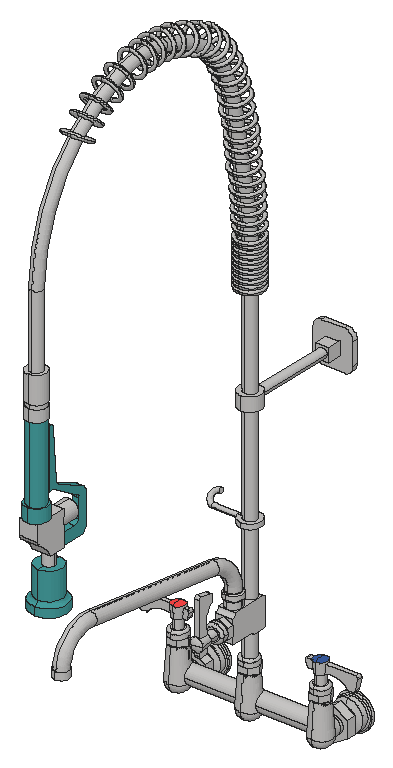
Revit family "Krowne_17-109WL_WallMount_Pre-Rinse_Faucet", category Plumbing Fixtures, Revit 2018 (continued)
Definition of nested family "Spring_Faucet_Hose"
  Forms (mm)
    Sweep 49, solid
      profile origin (-295.325, 0.014, 617.026) x (-1, 0, 0) y (0, 0, 1)
        loop
          circle (0, 0) r 2.077
    Sweep 50, solid
      path origin (-313.613, 0.014, 629.726) x (0, -1, 0) y (1, 0, 0)
        loop
          circle (0, 0) r 18.288
      profile origin (-295.325, 0.014, 629.726) x (-1, 0, 0) y (0, 0, 1)
        loop
          circle (0, 0) r 2.077
    Extrusion 51, solid
      sketch origin (0, 0, 419.1) x (0, 1, 0) y (-1, 0, 0)
        loop
          circle (0.014, 313.613) r 15.875
        loop
          circle (0.014, 313.613) r 8.636
      from 0 to 19.05
    Extrusion 52, solid
      sketch origin (0, 155.575, 0) x (1, 0, 0) y (0, 0, 1)
        loop
          line (-298.532, 457.2) -> (-330.282, 457.2)
          arc (-330.282, 457.2) -> (-339.262, 453.48) -> (-342.982, 444.5) r 12.7
          line (-342.982, 444.5) -> (-342.982, 412.75)
          arc (-342.982, 412.75) -> (-339.262, 403.77) -> (-330.282, 400.05) r 12.7
          line (-330.282, 400.05) -> (-298.532, 400.05)
          arc (-298.532, 400.05) -> (-289.552, 403.77) -> (-285.832, 412.75) r 12.7
          line (-285.832, 412.75) -> (-285.832, 444.5)
          arc (-285.832, 444.5) -> (-289.552, 453.48) -> (-298.532, 457.2) r 12.7
      from 0 to 6.35
    Extrusion 53, solid
      sketch origin (0, 149.225, 0) x (1, 0, 0) y (0, 0, 1)
        loop
          line (-304.882, 438.15) -> (-323.932, 438.15) -> (-323.932, 419.1) -> (-304.882, 419.1) -> (-304.882, 438.15)
      from 0 to 19.05
    Extrusion 54, solid
      sketch origin (0, 130.175, 0) x (1, 0, 0) y (0, 0, 1)
        loop
          circle (-314.407, 428.625) r 6.35
      from 0 to 114.3
    Extrusion 55, solid
      sketch origin (-314.407, 0, 0) x (0, 1, 0) y (0, 0, 1)
        loop
          line (-347.054, 393.601) -> (-347.054, 442.813) -> (-393.092, 442.813) -> (-393.092, 420.588)
          arc (-393.092, 420.588) -> (-392.232, 417.398) -> (-389.886, 415.071) r 6.35
          arc (-389.886, 415.071) -> (-378.026, 405.83) -> (-369.279, 393.601) r 52.388
          line (-369.279, 393.601) -> (-347.054, 393.601)
      from -12.7 to 12.7
    Revolve 56, solid
      sketch origin (-313.613, -31.523, -34.072) x (0, -1, 0) y (0, 0, 1)
        loop
          line (348.869, 605.472) -> (363.157, 605.472) -> (363.157, 621.347) -> (361.569, 621.347) -> (361.569, 627.697) -> (363.157, 627.697) -> (363.157, 665.797) -> (348.869, 665.797) -> (348.869, 605.472)
        axis (348.869, 605.472) -> (348.869, 665.797)
      angle from 0 to 360
    Extrusion 57, solid
      sketch origin (0, 0, 269.41) x (0, 1, 0) y (-1, 0, 0)
        loop
          circle (0.014, 313.613) r 15.875
        loop
          circle (0.014, 313.613) r 8.636
      from 0 to 6.35
  Lines and regions (mm)
    symbolic lines
      curve 1: arc (-296.002, -376.47, 0) -> (-288.778, -352.841, 0) -> (-305.056, -334.252, 0) r 25.4
      curve 2: arc (-331.224, -376.47, 0) -> (-338.502, -353.098, 0) -> (-322.663, -334.434, 0) r 25.4
      curve 3: arc (-313.613, -396.213, 0) -> (-296.455, -382.939, 0) -> (-304.994, -362.997, 0) r 17.726
      curve 4: arc (-322.252, -363.008, 0) -> (-330.768, -382.95, 0) -> (-313.613, -396.213, 0) r 17.726
      curve 5: line (-292.109, -307.866, 0) -> (-333.989, -307.866, 0)
      curve 6: line (-292.109, -288.816, 0) -> (-333.989, -288.816, 0)
      curve 7: line (-292.109, -274.04, 0) -> (-333.989, -274.04, 0)
      curve 8: line (-292.109, -254.99, 0) -> (-333.989, -254.99, 0)
      curve 9: line (-292.109, -240.213, 0) -> (-333.989, -240.213, 0)
      curve 10: line (-292.109, -221.163, 0) -> (-333.989, -221.163, 0)
      curve 11: line (-292.109, -206.387, 0) -> (-333.989, -206.387, 0)
      curve 12: line (-292.109, -187.337, 0) -> (-333.989, -187.337, 0)
      curve 13: line (-292.109, -172.56, 0) -> (-333.989, -172.56, 0)
      curve 14: line (-292.109, -153.51, 0) -> (-333.989, -153.51, 0)
      curve 15: line (-292.109, -138.734, 0) -> (-333.989, -138.734, 0)
      curve 16: line (-292.109, -119.684, 0) -> (-333.989, -119.684, 0)
      curve 17: line (-292.109, -104.907, 0) -> (-333.989, -104.907, 0)
      curve 18: line (-292.109, -85.857, 0) -> (-333.989, -85.857, 0)
      curve 19: line (-292.109, -71.081, 0) -> (-333.989, -71.081, 0)
      curve 20: line (-292.109, -52.031, 0) -> (-333.989, -52.031, 0)
      curve 21: line (-292.109, -37.254, 0) -> (-333.989, -37.254, 0)
      curve 22: line (-292.109, -18.204, 0) -> (-333.989, -18.204, 0)
      curve 23: line (-365.207, 8.407, 44.45) -> (-365.207, 17.976, 44.45)
      curve 24: arc (-365.207, 17.976, 44.45) -> (-373.68, 16.127, 44.45) -> (-378.981, 9.264, 44.45) r 12.676
      curve 25: arc (-378.981, 3.877, 44.45) -> (-373.603, -3.053, 44.45) -> (-365.081, -5.133, 44.45) r 13.313
      curve 26: arc (-378.981, 9.264, 44.45) -> (-379.421, 6.571, 44.45) -> (-378.981, 3.877, 44.45) r 8.455
      curve 27: line (-365.207, 4.256, 44.45) -> (-321.135, 4.256, 44.45)
      curve 28: line (-365.081, -5.133, 44.45) -> (-322.249, -5.133, 44.45)
      curve 29: spline (-365.207, 8.407, 44.45) -> (-366.446, 8.337, 44.45) -> (-367.6, 8.129, 44.45) -> (-368.591, 7.799, 44.45) -> (-369.351, 7.369, 44.45) -> (-369.83, 6.869, 44.45) -> (-369.993, 6.332, 44.45) -> (-369.83, 5.795, 44.45) -> (-369.351, 5.294, 44.45) -> (-368.591, 4.864, 44.45) -> (-367.6, 4.534, 44.45) -> (-366.446, 4.327, 44.45) -> (-365.207, 4.256, 44.45)
      curve 30: arc (-304.977, 0.014, 44.45) -> (-313.613, 8.65, 44.45) -> (-322.249, 0.014, 44.45) r 8.636
      curve 31: line (-322.249, 0.014, 44.45) -> (-322.249, -379.376, 44.45)
      curve 32: arc (-304.981, -378.487, 44.45) -> (-313.613, -387.119, 44.45) -> (-322.245, -378.487, 44.45) r 8.632
      curve 33: line (-304.977, 0.014, 44.45) -> (-304.977, -378.9, 44.45)
      curve 34: line (-342.982, 155.575, 419.1) -> (-285.832, 155.575, 419.1)
      curve 35: line (-342.982, 149.225, 419.1) -> (-342.982, 155.575, 419.1)
      curve 36: line (-285.832, 149.225, 419.1) -> (-342.982, 149.225, 419.1)
      curve 37: line (-285.832, 155.575, 419.1) -> (-285.832, 149.225, 419.1)
      curve 38: line (-323.932, 149.225, 419.1) -> (-323.932, 130.175, 419.1)
      curve 39: line (-323.932, 130.175, 419.1) -> (-304.882, 130.175, 419.1)
      curve 40: line (-304.882, 130.175, 419.1) -> (-304.882, 149.225, 419.1)
      curve 41: line (-320.757, 130.175, 419.1) -> (-320.757, 18.203, 419.1)
      curve 42: line (-308.057, 130.175, 419.1) -> (-308.057, 18.203, 419.1)
  Dimensions and locks
    "Height": plane 3 "TOP" to plane 2
    plane 5 "Top of Body" to level = 1 3/4"
    equal spacing: plane 5 "Top of Body", plane 6, level
    plane 8 to plane 3 "TOP" = 34"
    aligned and locked: level to plane 2
    aligned and locked: plane 13 to Extrusion 52
    aligned and locked: plane 14 to Extrusion 53
  Automatic sketch dimensions
    curve 1 to curve 2 = 0"  (x2)
    curve 3 to curve 4 = 0"  (x2)
    plane 4 "Center" to curve 4 = 1/32"
    plane 4 "Center" to curve 1 = 1/32"
    plane 7 to curve 4 = 0.83856"
    plane 7 to curve 1 = 0.03856"
    curve 4 to plane 4 "Center" = 0.30887"
    curve 2 to plane 4 "Center" = 0.32506"
    curve 2 to curve 4 = 0.35323"
    curve 12 to plane 4 "Center" = 0.77095"
    curve 16 to plane 4 "Center" = 0.77095"
    curve 6 to plane 4 "Center" = 0.77095"
    curve 17 to curve 16 = 0"  (x2)
    curve 5 to curve 6 = 0"  (x2)
    curve 18 to curve 17 = 0"  (x2)
    curve 7 to curve 6 = 0"  (x2)
    curve 15 to curve 16 = 0"
    curve 8 to curve 7 = 0"
    curve 19 to curve 18 = 0"  (x2)
    curve 14 to curve 15 = 0"
    curve 9 to curve 8 = 0"
    curve 13 to curve 12 = 0"
    curve 10 to curve 9 = 0"  (x2)
    curve 11 to curve 10 = 0"  (x2)
    curve 20 to curve 19 = 0"  (x2)
    curve 21 to curve 20 = 0"  (x2)
    curve 22 to curve 21 = 0"  (x2)
    plane 4 "Center" to curve 1 = 0.36813"
    plane 7 to curve 3 = 0.22873"
    plane 4 "Center" to curve 3 = 0.37059"
    curve 3 to curve 1 = 0.35401"
    plane 4 "Center" to curve 14 = 0.87789"
    plane 4 "Center" to curve 9 = 0.87789"
    curve 15 to curve 14 = 0"
    curve 8 to curve 9 = 0"
    curve 16 to curve 15 = 0"
    plane 4 "Center" to curve 6 = 0.87789"
    curve 13 to curve 14 = 0"
    curve 12 to curve 13 = 0"
    curve 1 to curve 5 = 1.03879"
    curve 5 to curve 6 = 3/4"
    curve 6 to curve 7 = 0.58175"
    curve 7 to curve 8 = 3/4"
    curve 8 to curve 9 = 0.58175"
    curve 9 to curve 10 = 3/4"
    curve 10 to curve 11 = 0.58175"
    curve 11 to curve 12 = 3/4"
    curve 12 to curve 13 = 0.58175"
    curve 13 to curve 14 = 3/4"
    curve 14 to curve 15 = 0.58175"
    curve 15 to curve 16 = 3/4"
    curve 16 to curve 17 = 0.58175"
    curve 17 to curve 18 = 3/4"
    curve 18 to curve 19 = 0.58175"
    curve 19 to curve 20 = 3/4"
    curve 20 to curve 21 = 0.58175"
    plane 1 "BACK" to curve 22 = 0.7167"
    plane 4 "Center" to curve 32 = 1/32"
    plane 7 to curve 32 = 0.83856"
    plane 1 "BACK" to curve 28 = 0.20208"
    curve 33 to plane 1 "BACK" = 0.00055"
    curve 27 to plane 1 "BACK" = 0.16756"
    curve 29 to curve 24 = 0.04559"
    curve 24 to curve 26 = 0.04554"
    curve 24 to curve 25 = 0.10647"
    curve 25 to curve 23 = 0.01136"
    curve 23 to plane 11 = 0.08273"
    plane 4 "Center" to curve 33 = 0.37125"
    plane 4 "Center" to curve 30 = 1/32"
    curve 28 to curve 28 = 1.6863"
    curve 25 to curve 23 = 0.00495"
    curve 23 to curve 25 = 0.04545"
    curve 29 to curve 24 = 0.0668"
    curve 24 to curve 26 = 0.15996"
    curve 33 to curve 32 = 0.01626"
    curve 31 to curve 32 = 0.03502"
    curve 26 to curve 25 = 0"
    curve 33 to curve 32 = 0.00016"
    Extrusion 1 sketch curve to plane 1 "BACK" = 0.00055"
    plane 4 "Center" to Extrusion 1 sketch curve = 1/32"
    plane 10 to Revolve 2 sketch curve = 47/256"
    plane 7 to Revolve 2 sketch curve = 0.91356"  (x2)
    Revolve 2 sketch curve to Revolve 2 sketch curve = 1/2"
    Revolve 2 sketch curve to Revolve 2 sketch curve = 1/8"
    Revolve 2 sketch curve to Revolve 2 sketch curve = 3/4"
    Revolve 2 sketch curve to Revolve 2 sketch curve = 4 5/16"
    Revolve 2 sketch curve to Revolve 2 sketch curve = 0"  (x2)
    Revolve 2 sketch curve to Revolve 2 sketch curve = 3 3/16"
    Sweep 3 sketch curve to plane 1 "BACK" = 0.00055"
    plane 1 "BACK" to Sweep 3 sketch curve = 0.08675"
    plane 1 "BACK" to Sweep 3 sketch curve = 1.21193"
    plane 1 "BACK" to Sweep 3 sketch curve = 5.99945"
    Sweep 3 sketch curve to Sweep 3 sketch curve = 0.2632"
    Sweep 3 sketch curve to Sweep 3 sketch curve = 0.86198"
    Sweep 3 sketch curve to Sweep 3 sketch curve = 0.30121"
    Sweep 3 sketch curve to Sweep 3 sketch curve = 1.89971"
    plane 7 to Sweep 3 sketch curve = 0.91356"
    plane 10 to Sweep 3 sketch curve = 7.55118"
    Sweep 3 sketch curve to plane 8 = 8.89818"
    Sweep 3 sketch curve to Sweep 3 sketch curve = 0.45056"
    Sweep 3 sketch curve to Sweep 3 sketch curve = 1.89771"
    Sweep 3 sketch curve to plane 8 = 5.53014"
    Sweep 3 sketch curve to Sweep 3 sketch curve = 1.17825"
    Sweep 3 sketch curve to Sweep 3 sketch curve = 0"  (x2)
    Sweep 3 sketch curve to Sweep 3 sketch curve = 2.13824"
    Sweep 3 sketch curve to Sweep 3 sketch curve = 4.10572"
    profile plane to Sweep 3 sketch curve = 0"
    Sweep 3 sketch curve to profile plane = 0"
    Sweep 4 sketch curve to plane 4 "Center" = 0"
    Sweep 4 sketch curve to plane 4 "Center" = 2"
    Sweep 4 sketch curve to Sweep 4 sketch curve = 3/8"
    profile plane to Sweep 4 sketch curve = 0"  (x2)
    plane 7 to Sweep 5 sketch curve = 0.03856"
    Sweep 5 sketch curve to plane 9 "Bottom of Hose Handle" = 1 1/256"
    Sweep 5 sketch curve to Sweep 5 sketch curve = 3/4"
    Sweep 5 sketch curve to profile plane = 0"  (x2)
    plane 7 to Revolve 6 sketch curve = 0.03856"
    Revolve 6 sketch curve to plane 7 = 0.71144"
    Revolve 6 sketch curve to Revolve 6 sketch curve = 1/4"
    Revolve 6 sketch curve to plane 9 "Bottom of Hose Handle" = 1 193/256"
    Revolve 6 sketch curve to Revolve 6 sketch curve = 1 1/2"
    Revolve 6 sketch curve to Revolve 6 sketch curve = 7/16"
    Revolve 6 sketch curve to Revolve 6 sketch curve = 0"  (x3)
    plane 7 to Extrusion 7 sketch curve = 0.22606"
    Extrusion 7 sketch curve to plane 7 = 0.02394"  (x2)
    Extrusion 7 sketch curve to plane 7 = 0.23409"
    Extrusion 7 sketch curve to Extrusion 7 sketch curve = 0.13967"
    Extrusion 7 sketch curve to Extrusion 7 sketch curve = 0.24927"
    Extrusion 7 sketch curve to plane 7 = 0.82005"
    Extrusion 7 sketch curve to Extrusion 7 sketch curve = 0.01639"
    Extrusion 7 sketch curve to plane 9 "Bottom of Hose Handle" = 0.25668"
    Extrusion 7 sketch curve to Extrusion 7 sketch curve = 3/4"
    plane 10 to Extrusion 7 sketch curve = 0.03843"
    Extrusion 7 sketch curve to Extrusion 7 sketch curve = 0"
    plane 10 to Extrusion 7 sketch curve = 0.25346"
    Extrusion 7 sketch curve to Extrusion 7 sketch curve = 0.12753"
    Extrusion 7 sketch curve to Extrusion 7 sketch curve = 0.03155"
    plane 10 to Extrusion 7 sketch curve = 0.5363"
    Extrusion 7 sketch curve to Extrusion 7 sketch curve = 0.37321"
    Extrusion 7 sketch curve to Extrusion 7 sketch curve = 0.51639"
    Extrusion 7 sketch curve to Extrusion 7 sketch curve = 0.26517"  (x2)
    plane 10 to Extrusion 7 sketch curve = 1 63/256"
    Extrusion 7 sketch curve to Extrusion 7 sketch curve = 0.1179"
    Extrusion 7 sketch curve to Extrusion 7 sketch curve = 0.20557"
    Extrusion 7 sketch curve to Extrusion 7 sketch curve = 2.73902"
    Extrusion 7 sketch curve to Extrusion 7 sketch curve = 0.31207"
    Revolve 8 sketch curve to plane 7 = 0"
    plane 10 to Revolve 8 sketch curve = 31/256"
    Revolve 8 sketch curve to plane 7 = 0.39894"
    Revolve 8 sketch curve to Revolve 8 sketch curve = 1"
    Revolve 8 sketch curve to Revolve 8 sketch curve = 1/8"
    Revolve 8 sketch curve to plane 10 = 33/256"
    plane 9 "Bottom of Hose Handle" to Revolve 8 sketch curve = 95/256"  (x2)
    Revolve 8 sketch curve to Revolve 8 sketch curve = 0"
    Revolve 8 sketch curve to Revolve 8 sketch curve = 0.79338"
    Sweep 9 sketch curve to plane 1 "BACK" = 0.00055"
    plane 4 "Center" to Sweep 9 sketch curve = 1/32"
    Sweep 9 sketch curve to profile plane = 0"  (x2)
    Sweep 10 sketch curve to plane 1 "BACK" = 0.00055"
    plane 4 "Center" to Sweep 10 sketch curve = 1/32"
    Sweep 10 sketch curve to profile plane = 0"  (x2)
    Sweep 11 sketch curve to plane 1 "BACK" = 0.00055"
    plane 4 "Center" to Sweep 11 sketch curve = 1/32"
    Sweep 11 sketch curve to profile plane = 0"  (x2)
    Sweep 12 sketch curve to plane 1 "BACK" = 0.00055"
    plane 4 "Center" to Sweep 12 sketch curve = 1/32"
    Sweep 12 sketch curve to profile plane = 0"  (x2)
    Sweep 13 sketch curve to plane 1 "BACK" = 0.00055"
    plane 4 "Center" to Sweep 13 sketch curve = 1/32"
    Sweep 13 sketch curve to profile plane = 0"  (x2)
    plane 4 "Center" to Sweep 14 sketch curve = 1/32"
    Sweep 14 sketch curve to profile plane = 0"
    profile plane to Sweep 14 sketch curve = 0"
    plane 4 "Center" to Sweep 15 sketch curve = 1/32"
    Sweep 15 sketch curve to profile plane = 0"
    profile plane to Sweep 15 sketch curve = 0"
    plane 4 "Center" to Sweep 16 sketch curve = 1/32"
    Sweep 16 sketch curve to profile plane = 0"
    profile plane to Sweep 16 sketch curve = 0"
    plane 4 "Center" to Sweep 17 sketch curve = 1/32"
    Sweep 17 sketch curve to profile plane = 0"
    profile plane to Sweep 17 sketch curve = 0"
    plane 4 "Center" to Sweep 18 sketch curve = 1/32"
    Sweep 18 sketch curve to profile plane = 0"
    profile plane to Sweep 18 sketch curve = 0"
    plane 4 "Center" to Sweep 19 sketch curve = 1/32"
    Sweep 19 sketch curve to profile plane = 0"
    profile plane to Sweep 19 sketch curve = 0"
    plane 4 "Center" to Sweep 20 sketch curve = 1/32"
    Sweep 20 sketch curve to profile plane = 0"
    profile plane to Sweep 20 sketch curve = 0"
    plane 4 "Center" to Sweep 21 sketch curve = 1/32"
    Sweep 21 sketch curve to profile plane = 0"
    profile plane to Sweep 21 sketch curve = 0"
    plane 4 "Center" to Sweep 22 sketch curve = 1/32"
    Sweep 22 sketch curve to profile plane = 0"
    profile plane to Sweep 22 sketch curve = 0"
    plane 4 "Center" to Sweep 23 sketch curve = 1/32"
    Sweep 23 sketch curve to profile plane = 0"
    profile plane to Sweep 23 sketch curve = 0"
    plane 4 "Center" to Sweep 24 sketch curve = 1/32"
    Sweep 24 sketch curve to profile plane = 0"
    profile plane to Sweep 24 sketch curve = 0"
    plane 4 "Center" to Sweep 25 sketch curve = 1/32"
    Sweep 25 sketch curve to profile plane = 0"
    profile plane to Sweep 25 sketch curve = 0"
    plane 4 "Center" to Sweep 26 sketch curve = 1/32"
    Sweep 26 sketch curve to profile plane = 0"
    profile plane to Sweep 26 sketch curve = 0"
    plane 4 "Center" to Sweep 27 sketch curve = 1/32"
    Sweep 27 sketch curve to profile plane = 0"
    profile plane to Sweep 27 sketch curve = 0"
    plane 4 "Center" to Sweep 28 sketch curve = 1/32"
    Sweep 28 sketch curve to profile plane = 0"
    profile plane to Sweep 28 sketch curve = 0"
    plane 4 "Center" to Sweep 29 sketch curve = 1/32"
    Sweep 29 sketch curve to profile plane = 0"
    profile plane to Sweep 29 sketch curve = 0"
    plane 4 "Center" to Sweep 30 sketch curve = 1/32"
    Sweep 30 sketch curve to profile plane = 0"
    profile plane to Sweep 30 sketch curve = 0"
    plane 4 "Center" to Sweep 31 sketch curve = 1/32"
    Sweep 31 sketch curve to profile plane = 0"
    profile plane to Sweep 31 sketch curve = 0"
    plane 4 "Center" to Sweep 32 sketch curve = 1/32"
    Sweep 32 sketch curve to profile plane = 0"
    profile plane to Sweep 32 sketch curve = 0"
    plane 4 "Center" to Sweep 33 sketch curve = 1/32"
    Sweep 33 sketch curve to profile plane = 0"
    profile plane to Sweep 33 sketch curve = 0"
    plane 4 "Center" to Sweep 34 sketch curve = 1/32"
    Sweep 34 sketch curve to profile plane = 0"
    profile plane to Sweep 34 sketch curve = 0"
    plane 4 "Center" to Sweep 35 sketch curve = 1/32"
    Sweep 35 sketch curve to profile plane = 0"
    profile plane to Sweep 35 sketch curve = 0"
    plane 4 "Center" to Sweep 36 sketch curve = 1/32"
    Sweep 36 sketch curve to profile plane = 0"
    profile plane to Sweep 36 sketch curve = 0"
    plane 4 "Center" to Sweep 37 sketch curve = 1/32"
    Sweep 37 sketch curve to profile plane = 0"
    profile plane to Sweep 37 sketch curve = 0"
    plane 4 "Center" to Sweep 38 sketch curve = 1/32"
    Sweep 38 sketch curve to profile plane = 0"
    profile plane to Sweep 38 sketch curve = 0"
    plane 4 "Center" to Sweep 39 sketch curve = 1/32"
    Sweep 39 sketch curve to profile plane = 0"  (x2)
    plane 4 "Center" to Sweep 40 sketch curve = 1/32"
    Sweep 40 sketch curve to profile plane = 0"  (x2)
    plane 4 "Center" to Sweep 41 sketch curve = 1/32"
    Sweep 41 sketch curve to profile plane = 0"  (x2)
    plane 4 "Center" to Sweep 42 sketch curve = 1/32"
    Sweep 42 sketch curve to profile plane = 0"  (x2)
    plane 4 "Center" to Sweep 43 sketch curve = 1/32"
    Sweep 43 sketch curve to profile plane = 0"  (x2)
    plane 4 "Center" to Sweep 44 sketch curve = 1/32"
    Sweep 44 sketch curve to profile plane = 0"  (x2)
    plane 4 "Center" to Sweep 45 sketch curve = 1/32"
    Sweep 45 sketch curve to profile plane = 0"  (x2)
    Sweep 46 sketch curve to plane 1 "BACK" = 0.00055"
    plane 4 "Center" to Sweep 46 sketch curve = 1/32"
    Sweep 46 sketch curve to profile plane = 0"  (x2)
    Sweep 47 sketch curve to plane 1 "BACK" = 0.00055"
    plane 4 "Center" to Sweep 47 sketch curve = 1/32"
    Sweep 47 sketch curve to profile plane = 0"  (x2)
    Sweep 48 sketch curve to plane 1 "BACK" = 0.00055"
    plane 4 "Center" to Sweep 48 sketch curve = 1/32"
    Sweep 48 sketch curve to profile plane = 0"  (x2)
    Sweep 49 sketch curve to plane 1 "BACK" = 0.00055"
    plane 4 "Center" to Sweep 49 sketch curve = 1/32"
    Sweep 49 sketch curve to profile plane = 0"  (x2)
    Sweep 50 sketch curve to plane 1 "BACK" = 0.00055"
    plane 4 "Center" to Sweep 50 sketch curve = 1/32"
    Sweep 50 sketch curve to profile plane = 0"  (x2)
    Extrusion 51 sketch curve to Extrusion 51 sketch curve = 0"  (x2)
    Extrusion 51 sketch curve to plane 1 "BACK" = 0.00055"
    plane 4 "Center" to Extrusion 51 sketch curve = 1/32"
    Extrusion 52 sketch curve to plane 9 "Bottom of Hose Handle" = 1/4"  (x2)
    Extrusion 52 sketch curve to plane 4 "Center" = 1 1/8"
    Extrusion 52 sketch curve to plane 4 "Center" = 5/8"
    Extrusion 52 sketch curve to Extrusion 52 sketch curve = 1/2"
    plane 4 "Center" to Extrusion 52 sketch curve = 5/8"  (x2)
    plane 10 to Extrusion 52 sketch curve = 1/4"
    Extrusion 53 sketch curve to Extrusion 52 = 3/4"  (x4)
    Extrusion 54 sketch curve to Extrusion 53 = 3/8"  (x2)
    plane 14 to curve 42 = 0"
    plane 13 to curve 38 = 0"
    plane 12 "Back of Back Support" to curve 37 = 0"
    plane 4 "Center" to curve 34 = 1 1/8"
    plane 4 "Center" to curve 39 = 3/8"
    curve 39 to plane 4 "Center" = 3/8"
    curve 38 to curve 35 = 3/4"
    curve 42 to plane 11 = 0.09164"
    curve 41 to plane 11 = 0.09164"
    plane 4 "Center" to curve 42 = 1/4"
    curve 41 to plane 4 "Center" = 1/4"
    plane 7 to Extrusion 55 sketch curve = 2.30845"
    plane 10 to Extrusion 55 sketch curve = 47/256"
    plane 7 to Extrusion 55 sketch curve = 1.41356"
    plane 9 "Bottom of Hose Handle" to Extrusion 55 sketch curve = 15/256"
    Extrusion 55 sketch curve to Extrusion 55 sketch curve = 1/4"
    plane 7 to Extrusion 55 sketch curve = 0.47606"
    Extrusion 55 sketch curve to plane 7 = 0.39894"
    Extrusion 55 sketch curve to plane 9 "Bottom of Hose Handle" = 1 1/256"
    Extrusion 55 sketch curve to plane 9 "Bottom of Hose Handle" = 1.9506"
    plane 7 to Revolve 56 sketch curve = 0.91356"
    Revolve 56 sketch curve to Revolve 56 sketch curve = 1/2"
    Revolve 56 sketch curve to Revolve 56 sketch curve = 1/16"  (x2)
    plane 10 to Revolve 56 sketch curve = 5 63/256"
    Revolve 56 sketch curve to Revolve 56 sketch curve = 5/8"
    Revolve 56 sketch curve to Revolve 56 sketch curve = 1/4"
    Revolve 56 sketch curve to Revolve 56 sketch curve = 1 1/2"
    Revolve 56 sketch curve to Revolve 56 sketch curve = 0"
    plane 10 to Revolve 56 sketch curve = 47/256"
    Revolve 56 sketch curve to Revolve 56 sketch curve = 13/16"
    Extrusion 57 sketch curve to Extrusion 57 sketch curve = 0"  (x2)
    Extrusion 57 sketch curve to plane 1 "BACK" = 0.00055"
    plane 4 "Center" to Extrusion 57 sketch curve = 1/32"
    radius of Extrusion 1 sketch curve = 0.34"
    radius of Sweep 3 sketch curve = 87/256"
    radius of Sweep 4 sketch curve = 1/8"
    radius of Sweep 5 sketch curve = 5/16"
    radius of Sweep 9 sketch curve = 0.72"
    radius of Sweep 9 sketch curve = 0.08178"
    radius of Sweep 10 sketch curve = 0.72"
    radius of Sweep 10 sketch curve = 0.08178"
    radius of Sweep 11 sketch curve = 0.72"
    radius of Sweep 11 sketch curve = 0.08178"
    radius of Sweep 12 sketch curve = 0.72"
    radius of Sweep 12 sketch curve = 0.08178"
    radius of Sweep 13 sketch curve = 0.72"
    radius of Sweep 13 sketch curve = 0.08178"
    radius of Sweep 14 sketch curve = 0.72"
    radius of Sweep 14 sketch curve = 0.08178"
    radius of Sweep 15 sketch curve = 0.72"
    radius of Sweep 15 sketch curve = 0.08178"
    radius of Sweep 16 sketch curve = 0.72"
    radius of Sweep 16 sketch curve = 0.08178"
    radius of Sweep 17 sketch curve = 0.72"
    radius of Sweep 17 sketch curve = 0.08178"
    radius of Sweep 18 sketch curve = 0.72"
    radius of Sweep 18 sketch curve = 0.08178"
    radius of Sweep 19 sketch curve = 0.72"
    radius of Sweep 19 sketch curve = 0.08178"
    radius of Sweep 20 sketch curve = 0.72"
    radius of Sweep 20 sketch curve = 0.08178"
    radius of Sweep 21 sketch curve = 0.72"
    radius of Sweep 21 sketch curve = 0.08178"
    radius of Sweep 22 sketch curve = 0.72"
    radius of Sweep 22 sketch curve = 0.08178"
    radius of Sweep 23 sketch curve = 0.72"
    radius of Sweep 23 sketch curve = 0.08178"
    radius of Sweep 24 sketch curve = 0.72"
    radius of Sweep 24 sketch curve = 0.08178"
    radius of Sweep 25 sketch curve = 0.72"
    radius of Sweep 25 sketch curve = 0.08178"
    radius of Sweep 26 sketch curve = 0.72"
    radius of Sweep 26 sketch curve = 0.08178"
    radius of Sweep 27 sketch curve = 0.72"
    radius of Sweep 27 sketch curve = 0.08178"
    radius of Sweep 28 sketch curve = 0.72"
    radius of Sweep 28 sketch curve = 0.08178"
    radius of Sweep 29 sketch curve = 0.72"
    radius of Sweep 29 sketch curve = 0.08178"
    radius of Sweep 30 sketch curve = 0.72"
    radius of Sweep 30 sketch curve = 0.08178"
    radius of Sweep 31 sketch curve = 0.72"
    radius of Sweep 31 sketch curve = 0.08178"
    radius of Sweep 32 sketch curve = 0.72"
    radius of Sweep 32 sketch curve = 0.08178"
    radius of Sweep 33 sketch curve = 0.72"
    radius of Sweep 33 sketch curve = 0.08178"
    radius of Sweep 34 sketch curve = 0.72"
    radius of Sweep 34 sketch curve = 0.08178"
    radius of Sweep 35 sketch curve = 0.72"
    radius of Sweep 35 sketch curve = 0.08178"
    radius of Sweep 36 sketch curve = 0.72"
    radius of Sweep 36 sketch curve = 0.08178"
    radius of Sweep 37 sketch curve = 0.72"
    radius of Sweep 37 sketch curve = 0.08178"
    radius of Sweep 38 sketch curve = 0.72"
    radius of Sweep 38 sketch curve = 0.08178"
    radius of Sweep 39 sketch curve = 0.72"
    radius of Sweep 39 sketch curve = 0.08178"
    radius of Sweep 40 sketch curve = 0.72"
    radius of Sweep 40 sketch curve = 0.08178"
    radius of Sweep 41 sketch curve = 0.72"
    radius of Sweep 41 sketch curve = 0.08178"
    radius of Sweep 42 sketch curve = 0.72"
    radius of Sweep 42 sketch curve = 0.08178"
    radius of Sweep 43 sketch curve = 0.72"
    radius of Sweep 43 sketch curve = 0.08178"
    radius of Sweep 44 sketch curve = 0.72"
    radius of Sweep 44 sketch curve = 0.08178"
    radius of Sweep 45 sketch curve = 0.72"
    radius of Sweep 45 sketch curve = 0.08178"
    radius of Sweep 46 sketch curve = 0.72"
    radius of Sweep 46 sketch curve = 0.08178"
    radius of Sweep 47 sketch curve = 0.72"
    radius of Sweep 47 sketch curve = 0.08178"
    radius of Sweep 48 sketch curve = 0.72"
    radius of Sweep 48 sketch curve = 0.08178"
    radius of Sweep 49 sketch curve = 0.72"
    radius of Sweep 49 sketch curve = 0.08178"
    radius of Sweep 50 sketch curve = 0.72"
    radius of Sweep 50 sketch curve = 0.08178"
    radius of Extrusion 51 sketch curve = 5/8"
    radius of Extrusion 51 sketch curve = 0.34"
    radius of Extrusion 54 sketch curve = 1/4"
    radius of Extrusion 57 sketch curve = 5/8"
    radius of Extrusion 57 sketch curve = 0.34"
Definition of nested family "QF_Krowne_Faucet_Knob"
  Parameters (values of type "QF_Krowne_Faucet_Knob")
    Width = 12 3/4"
    Watermarked By = ""
    Height = 3 7/8"
    Description = ""
    Depth = 1 13/16"
  Reference planes
    plane 1 "BACK": y = 0
    plane 2: z = 0
    plane 3 "Right of Handle": x = -212.807
    plane 4 "FRONT": y = -46.037
    plane 5 "Faucet Handle Center": y = -23.019
    plane 6: y = -19.844
    plane 7: y = -26.194
  Forms (mm)
    Extrusion 1, solid
      sketch origin (-212.807, 0, 212.807) x (0, 1, 0) y (0, 0, 1)
        loop
          line (-23.019, -198.519) -> (-35.392, -205.663) -> (-35.392, -219.951) -> (-23.019, -227.094) -> (-10.645, -219.951) -> (-10.645, -205.663) -> (-23.019, -198.519)
      from 0 to 9.525
    Revolve 2, solid
      sketch origin (-314.407, 0, 0) x (0, 1, 0) y (-1, 0, 0)
        loop
          line (-23.019, -111.125) -> (-23.019, -120.65) -> (-13.494, -120.65)
          arc (-13.494, -120.65) -> (-11.249, -119.72) -> (-10.319, -117.475) r 3.175
          line (-10.319, -117.475) -> (-10.319, -111.125) -> (-23.019, -111.125)
        axis (-23.019, -111.125) -> (-23.019, -120.65)
      angle from 0 to 360
    Revolve 3, solid
      sketch origin (-314.407, 0, 0) x (0, 1, 0) y (-1, 0, 0)
        loop
          line (-23.019, -120.65) -> (-23.019, -134.937) -> (-16.669, -134.937) -> (-16.669, -120.65) -> (-23.019, -120.65)
        axis (-23.019, -120.65) -> (-23.019, -134.937)
      angle from 0 to 360
    Revolve 4, solid
      sketch origin (-314.407, 0, 0) x (0, 1, 0) y (-1, 0, 0)
        loop
          line (-23.019, -134.937) -> (-23.019, -150.812) -> (-13.494, -150.812) -> (-15.081, -134.937) -> (-23.019, -134.937)
        axis (-23.019, -134.937) -> (-23.019, -150.812)
      angle from 0 to 360
    Revolve 5, solid
      sketch origin (-314.407, 0, 0) x (0, 1, 0) y (-1, 0, 0)
        loop
          line (-23.019, -150.813) -> (-23.019, -153.988)
          arc (-23.019, -153.988) -> (-17.959, -153.292) -> (-13.494, -150.813) r 13.869
          line (-13.494, -150.813) -> (-23.019, -150.813)
        axis (-23.019, -150.813) -> (-23.019, -153.988)
      angle from 0 to 360
    Extrusion 6, solid
      sketch origin (-314.407, -23.019, 212.807) x (0, 0, 1) y (-1, 0, 0)
        loop
          arc (-155.657, -149.225) -> (-153.202, -148.063) -> (-152.544, -145.427) r 3.175
          line (-152.544, -145.427) -> (-155.718, -129.553)
          arc (-155.718, -129.553) -> (-156.819, -127.721) -> (-158.832, -127.001) r 3.175
          line (-158.832, -127.001) -> (-165.179, -127.001)
          arc (-165.179, -127.001) -> (-166.519, -127.298) -> (-167.609, -128.133) r 3.175
          arc (-167.609, -128.133) -> (-182.156, -137.409) -> (-199.394, -136.703) r 28.792
          arc (-199.394, -136.703) -> (-199.923, -136.563) -> (-200.469, -136.515) r 3.175
          line (-200.469, -136.515) -> (-226.712, -136.515)
          arc (-226.712, -136.515) -> (-228.725, -137.235) -> (-229.826, -139.068) r 3.175
          line (-229.826, -139.068) -> (-231.097, -145.427)
          arc (-231.097, -145.427) -> (-230.439, -148.063) -> (-227.984, -149.225) r 3.175
          line (-227.984, -149.225) -> (-155.657, -149.225)
      from -3.175 to 3.175
  Lines and regions (mm)
    symbolic lines
      curve 1: line (-212.807, -35.392, 26.987) -> (-212.807, -10.645, 26.987)
      curve 2: line (-203.282, -10.645, 26.987) -> (-203.282, -35.392, 26.987)
      curve 3: line (-193.757, -13.82, 26.987) -> (-193.757, -32.217, 26.987)
      curve 4: line (-196.932, -10.645, 26.987) -> (-212.807, -10.645, 26.987)
      curve 5: line (-212.807, -35.392, 26.987) -> (-196.932, -35.392, 26.987)
      curve 6: line (-179.469, -15.081, 26.987) -> (-179.469, -30.956, 26.987)
      curve 7: line (-163.594, -13.494, 26.987) -> (-163.594, -32.544, 26.987)
      curve 8: arc (-193.757, -13.82, 26.987) -> (-194.687, -11.575, 26.987) -> (-196.932, -10.645, 26.987) r 3.175
      curve 9: arc (-196.932, -35.392, 26.987) -> (-194.687, -34.462, 26.987) -> (-193.757, -32.217, 26.987) r 3.175
      curve 10: line (-179.469, -15.081, 26.987) -> (-163.594, -13.494, 26.987)
      curve 11: line (-179.469, -30.956, 26.987) -> (-163.594, -32.544, 26.987)
      curve 12: arc (-163.594, -32.544, 26.987) -> (-159.649, -23.019, 26.987) -> (-163.594, -13.494, 26.987) r 13.471
      curve 13: line (-193.757, -16.995, 26.987) -> (-179.469, -16.995, 26.987)
      curve 14: line (-193.757, -29.042, 26.987) -> (-179.469, -29.042, 26.987)
  Dimensions and locks
    equal spacing: plane 4 "FRONT", plane 5 "Faucet Handle Center", plane 1 "BACK"
    equal spacing: plane 7, plane 5 "Faucet Handle Center", plane 6
    locked: plane 7 to plane 6 at 6.35
    "Depth": plane 4 "FRONT" to plane 1 "BACK"
    aligned and locked: level to plane 2
    aligned and locked: Revolve 2 sketch curve to Extrusion 1
    aligned and locked: Revolve 4 sketch curve to Revolve 4 sketch curve
  Automatic sketch dimensions
    Extrusion 1 sketch curve to plane 5 "Faucet Handle Center" = 0"  (x2)
    Extrusion 1 sketch curve to level = 9/32"  (x2)
    plane 7 to Extrusion 1 sketch curve = 0.36214"
    Extrusion 1 sketch curve to plane 6 = 0.36214"
    Extrusion 1 sketch curve to level = 9/16"
    level to Extrusion 1 sketch curve = 9/32"  (x2)
    Extrusion 1 sketch curve to Extrusion 1 sketch curve = 9/32"
    plane 5 "Faucet Handle Center" to Revolve 2 sketch curve = 0"  (x2)
    Revolve 2 sketch curve to plane 6 = 1/4"
    Revolve 2 sketch curve to Revolve 2 sketch curve = 1/8"
    Revolve 2 sketch curve to Revolve 2 sketch curve = 0"  (x2)
    Revolve 2 sketch curve to Revolve 2 sketch curve = 1/4"
    plane 5 "Faucet Handle Center" to Revolve 3 sketch curve = 0"  (x2)
    Revolve 3 sketch curve to plane 6 = 1/8"
    plane 3 "Right of Handle" to Revolve 3 sketch curve = 1 5/16"
    Revolve 3 sketch curve to Revolve 3 sketch curve = 9/16"
    Revolve 3 sketch curve to Revolve 3 sketch curve = 0"
    Revolve 3 sketch curve to Revolve 3 sketch curve = 3/8"
    plane 5 "Faucet Handle Center" to Revolve 4 sketch curve = 0"
    Revolve 4 sketch curve to plane 6 = 3/16"
    Revolve 4 sketch curve to plane 6 = 1/4"
    plane 3 "Right of Handle" to Revolve 4 sketch curve = 1 15/16"
    Revolve 4 sketch curve to Revolve 4 sketch curve = 5/8"
    Revolve 4 sketch curve to Revolve 4 sketch curve = 0"  (x2)
    plane 5 "Faucet Handle Center" to Revolve 5 sketch curve = 0"  (x2)
    Revolve 5 sketch curve to plane 5 "Faucet Handle Center" = 0.02655"
    Revolve 5 sketch curve to plane 6 = 1/4"
    plane 3 "Right of Handle" to Revolve 5 sketch curve = 2 1/16"
    Revolve 5 sketch curve to Revolve 5 sketch curve = 1/8"
    Revolve 5 sketch curve to Revolve 5 sketch curve = 0"  (x2)
    Extrusion 6 sketch curve to level = 0.7201"
    Extrusion 6 sketch curve to Extrusion 6 sketch curve = 0.05007"
    Extrusion 6 sketch curve to Extrusion 6 sketch curve = 0.12257"  (x4)
    level to Extrusion 6 sketch curve = 0.48575"
    level to Extrusion 6 sketch curve = 0.91165"
    Extrusion 6 sketch curve to Extrusion 6 sketch curve = 0.96348"
    Extrusion 6 sketch curve to Extrusion 6 sketch curve = 0.24989"
    Extrusion 6 sketch curve to Extrusion 6 sketch curve = 1/8"  (x3)
    plane 3 "Right of Handle" to Extrusion 6 sketch curve = 1 7/8"
    Extrusion 6 sketch curve to Extrusion 6 sketch curve = 0.25038"
    Extrusion 6 sketch curve to Extrusion 6 sketch curve = 0"  (x3)
    Extrusion 6 sketch curve to Extrusion 6 sketch curve = 0.02451"  (x2)
    Extrusion 6 sketch curve to Extrusion 6 sketch curve = 0.62496"
    Extrusion 6 sketch curve to Extrusion 6 sketch curve = 1.05929"
    curve 5 to plane 3 "Right of Handle" = 0"
    plane 5 "Faucet Handle Center" to curve 12 = 0"
    plane 7 to curve 11 = 3/16"
    plane 7 to curve 9 = 0.23714"
    plane 7 to curve 7 = 1/4"
    plane 7 to curve 1 = 0.36214"
    curve 6 to plane 6 = 3/16"
    curve 8 to plane 6 = 0.23714"
    curve 4 to plane 6 = 0.36214"
    curve 4 to curve 1 = 5/8"
    curve 10 to curve 8 = 9/16"
    curve 12 to curve 13 = 0.24997"
    curve 7 to curve 12 = 0.37503"
    curve 6 to curve 14 = 0.07536"
    curve 13 to plane 6 = 0.11214"
    curve 4 to curve 2 = 1/4"
